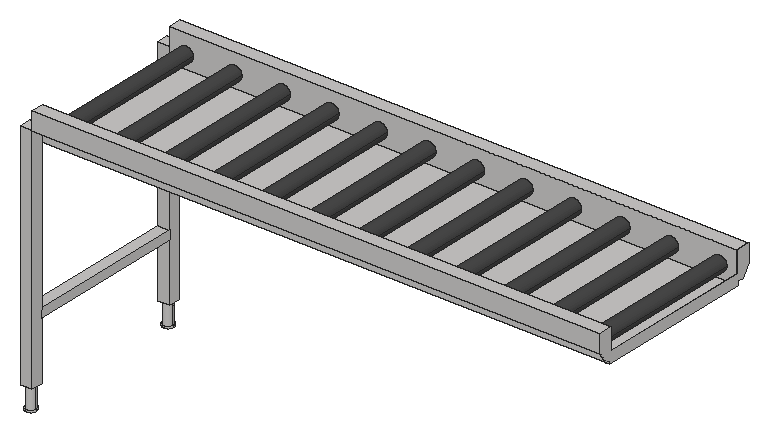
Revit family "QF_ELECTROLUXPROFESSIONAL_863032_HSLRC19", category Specialty Equipment, Revit 2018
Family settings
  Round Connector Dimension = Use Diameter
  Part Type = Normal
  Work Plane-Based = No
  Always vertical = Yes
  Cut with Voids When Loaded = No
  Shared = No
  Room Calculation Point = No
Parameters
  Weight = 0.00 kg
  Watts = 0 W
  Volts = 0 V
  URL Manufacturer = "http://professional.electrolux.com/"
  URL = "http://professional.electrolux.com/"
  Steam Supply Size = 0 mm
  Steam Supply Minimum Pressure = 0.0 Pa
  Steam Supply Maximum Pressure = 0.0 Pa
  Steam Pounds per Hour = 0
  Refrigeration Suction Line Size = 0 mm
  Refrigeration Liquid Line Size = 0 mm
  Refrigerant Compressor Remote = yes
  Manufacturer = "Electrolux"
  Phase = 0
  Model = "HSLRC19"
  Length Actual = 1900 mm  # constant formula
  Item Number = "863032"
  Hot Water Size = 0 mm
  Height Actual = 910 mm  # constant formula
  HP = "0 HP"
  Gas Size = 0 mm
  Gas KW = 0
  Gas Input Pressure = 0 W
  Description = "CONVEYOR, LONG ROLLERS, L=1900 MM"
  Depth Actual = 620 mm  # constant formula
  Cycle = 0 Hz
  Condensate Return Size = 0 mm
  Compressed Air Volume = 0.0 L/s
  Compressed Air Size = 0 mm
  Compressed Air Pressure = 0.0 Pa
  Cold Water Size = 0 mm
  Accessory = yes
Reference planes
  plane 1 "Centro (Fronte/Retro)": y = 74.737
  plane 2: z = 0
  plane 3 "LEFT": x = -1038.761
  plane 4 "BACK": y = 384.737
  plane 5 "FRONT": y = -235.263
  plane 6: z = 910
  plane 7 "RIGHT": x = 861.239
  plane 8: x = -58.761
Forms (mm)
  Extrusion 1, solid, material "QF_Finishes_Stainless Steel"
    sketch origin (0, 74.737, 0) x (1, 0, 0) y (0, 0, 1)
      loop
        line (-1079.929, 300) -> (-1079.929, 270) -> (-1039.929, 270) -> (-1039.929, 300) -> (-1079.929, 300)
    from -266.504 to 266.46
  Extrusion 2, solid, material "QF_Finishes_Stainless Steel"
    sketch origin (11.239, 0, 0) x (0, 1, 0) y (0, 0, 1)
      loop
        line (-235.263, 910) -> (-235.263, 850.033) -> (-190.242, 850.033) -> (-190.242, 910) -> (-235.263, 910)
      loop
        line (384.737, 910) -> (339.716, 910) -> (339.716, 850.033) -> (384.737, 850.033) -> (384.737, 910)
    from -1050 to 848.8
  Extrusion 3, solid, material "QF_Finishes_Stainless Steel"
    sketch origin (11.239, 0, 0) x (0, 1, 0) y (0, 0, 1)
      loop
        line (-191.727, 850.033) -> (-191.727, 800.081) -> (341.245, 800.081) -> (341.245, 850.033) -> (339.716, 850.033) -> (339.716, 803.081) -> (-190.242, 803.081) -> (-190.242, 850.033) -> (-191.727, 850.033)
    from -1050 to 848.8
  Extrusion 4, solid, material "QF_Finishes_Black"
    sketch origin (0, 74.737, 0) x (1, 0, 0) y (0, 0, -1)
      loop
        circle (-980.637, -850.115) r 25
      loop
        circle (-818.478, -850.115) r 25
      loop
        circle (-656.319, -850.115) r 25
      loop
        circle (803.115, -850.115) r 25
      loop
        circle (154.478, -850.115) r 25
      loop
        circle (316.637, -850.115) r 25
      loop
        circle (478.797, -850.115) r 25
      loop
        circle (640.956, -850.115) r 25
      loop
        circle (-494.159, -850.115) r 25
      loop
        circle (-7.681, -850.115) r 25
      loop
        circle (-169.841, -850.115) r 25
      loop
        circle (-332, -850.115) r 25
    from -260.534 to 260.534
  Extrusion 5, solid, material "QF_Finishes_Stainless Steel"
    sketch origin (2361.239, 723.253, 4000) x (0, 1, 0) y (0, 0, 1)
      loop
        line (-958.516, -3090) -> (-958.516, -3149.967) -> (-934.752, -3185.632) -> (-915.4, -3185.632) -> (-915.4, -3199.919) -> (-381.633, -3199.919) -> (-381.633, -3185.632) -> (-362.281, -3185.632) -> (-338.516, -3149.967) -> (-338.516, -3090) -> (-383.538, -3090) -> (-383.538, -3161.926) -> (-913.495, -3161.926) -> (-913.495, -3090) -> (-958.516, -3090)
    from -1500 to -1501.2
  Revolve 6, solid, material "QF_Finishes_Stainless Steel"
    sketch origin (-90.282, 0, 0) x (0, 1, 0) y (0, 0, 1)
      loop
        line (74.737, 800.081) -> (12.53, 800.081) -> (12.319, 797.4) -> (12.319, 785.476) -> (17.293, 785.476) -> (17.293, 781.772)
        arc (17.293, 781.772) -> (20.266, 773.808) -> (27.77, 769.813) r 11.998
        line (27.77, 769.813) -> (74.737, 764.085) -> (74.737, 800.081)
      axis (74.737, 764.085) -> (74.737, 800.081)
    angle from 0 to 360
  Revolve 7, solid, material "QF_Finishes_Stainless Steel"
    sketch origin (-60.282, -1524, 744.096) x (0, 0, 1) y (0, -1, 0)
      loop
        line (13.017, -1619.713) -> (30, -1619.713) -> (30, -1598.737) -> (0, -1598.737) -> (0, -1619.713) -> (2.434, -1622.253) -> (10.477, -1622.253) -> (13.017, -1619.713)
      axis (0, -1598.737) -> (30, -1598.737)
    angle from 0 to 360
Cuts and joins
  joined: Extrusion 2, Extrusion 3
Lines and regions (mm)
  Split face 1
    outline origin (956.989, 339.716, 803.081) x (-1, 0, 0) y (0, -1, 0)
      loop
        circle (1047, 264.904) r 3.016
  Split face 2
    outline origin (956.989, 339.716, 803.081) x (-1, 0, 0) y (0, -1, 0)
      loop
        circle (1047, 264.904) r 52.991
  Split face 3
    outline origin (956.989, 339.716, 803.081) x (-1, 0, 0) y (0, -1, 0)
      loop
        circle (1047, 264.904) r 36.015
  Split face 4
    outline origin (956.989, 339.716, 803.081) x (-1, 0, 0) y (0, -1, 0)
      loop
        circle (1047, 264.904) r 26.027
  Split face 5
    outline origin (956.989, 339.716, 803.081) x (-1, 0, 0) y (0, -1, 0)
      loop
        circle (1047, 264.904) r 9.056
  Masking region 1
    outline origin (0, 0, 0) x (1, 0, 0) y (0, 1, 0)
      loop
        line (-1038.761, 384.737) -> (-1038.761, -235.263) -> (861.239, -235.263) -> (861.239, 384.737) -> (-1038.761, 384.737)
  symbolic lines
    curve 1: line (861.239, 384.737, 0) -> (-1038.761, 384.737, 0)
    curve 2: line (-1038.761, 384.737, 0) -> (-1038.761, -235.263, 0)
    curve 3: line (-1038.761, 339.716, 0) -> (861.239, 339.716, 0)
    curve 4: line (-1038.761, -235.263, 0) -> (861.239, -235.263, 0)
    curve 5: line (861.239, -235.263, 0) -> (861.239, 384.737, 0)
    curve 6: line (861.239, -190.242, 0) -> (-1038.761, -190.242, 0)
    curve 7: line (-955.637, 335.271, 0) -> (-1005.637, 335.271, 0)
    curve 8: line (-1005.637, 335.271, 0) -> (-1005.637, -185.797, 0)
    curve 9: line (-1005.637, -185.797, 0) -> (-955.637, -185.797, 0)
    curve 10: line (-955.637, -185.797, 0) -> (-955.637, 335.271, 0)
    curve 11: line (-793.478, 335.271, 0) -> (-843.478, 335.271, 0)
    curve 12: line (-843.478, 335.271, 0) -> (-843.478, -185.797, 0)
    curve 13: line (-843.478, -185.797, 0) -> (-793.478, -185.797, 0)
    curve 14: line (-793.478, -185.797, 0) -> (-793.478, 335.271, 0)
    curve 15: line (-631.319, 335.271, 0) -> (-681.319, 335.271, 0)
    curve 16: line (-681.319, 335.271, 0) -> (-681.319, -185.797, 0)
    curve 17: line (-681.319, -185.797, 0) -> (-631.319, -185.797, 0)
    curve 18: line (-631.319, -185.797, 0) -> (-631.319, 335.271, 0)
    curve 19: line (828.115, 335.271, 0) -> (778.115, 335.271, 0)
    curve 20: line (778.115, 335.271, 0) -> (778.115, -185.797, 0)
    curve 21: line (778.115, -185.797, 0) -> (828.115, -185.797, 0)
    curve 22: line (828.115, -185.797, 0) -> (828.115, 335.271, 0)
    curve 23: line (861.239, 74.737, 0) -> (831.239, 74.737, 0)
    curve 24: line (-1038.761, 74.737, 0) -> (-1008.761, 74.737, 0)
    curve 25: arc (-89.404, 137.156, 0) -> (-26.986, 74.737, 0) -> (-89.404, 12.319, 0) r 62.418
    curve 26: arc (-89.404, 12.319, 0) -> (-151.823, 74.737, 0) -> (-89.404, 137.156, 0) r 62.418
    curve 27: arc (-59.404, 95.713, 0) -> (-80.38, 74.737, 0) -> (-59.404, 53.761, 0) r 20.976
    curve 28: arc (-59.404, 53.761, 0) -> (-38.428, 74.737, 0) -> (-59.404, 95.713, 0) r 20.976
    curve 29: line (-469.159, 335.271, 0) -> (-519.159, 335.271, 0)
    curve 30: line (-519.159, 335.271, 0) -> (-519.159, -185.797, 0)
    curve 31: line (-519.159, -185.797, 0) -> (-469.159, -185.797, 0)
    curve 32: line (-469.159, -185.797, 0) -> (-469.159, 335.271, 0)
    curve 33: line (-307, 335.271, 0) -> (-357, 335.271, 0)
    curve 34: line (-357, 335.271, 0) -> (-357, -185.797, 0)
    curve 35: line (-357, -185.797, 0) -> (-307, -185.797, 0)
    curve 36: line (-307, -185.797, 0) -> (-307, 335.271, 0)
    curve 37: line (-144.841, 335.271, 0) -> (-194.841, 335.271, 0)
    curve 38: line (-194.841, 335.271, 0) -> (-194.841, -185.797, 0)
    curve 39: line (-194.841, -185.797, 0) -> (-144.841, -185.797, 0)
    curve 40: line (-144.841, -185.797, 0) -> (-144.841, 335.271, 0)
    curve 41: line (17.319, 335.271, 0) -> (-32.681, 335.271, 0)
    curve 42: line (-32.681, 335.271, 0) -> (-32.681, -185.797, 0)
    curve 43: line (-32.681, -185.797, 0) -> (17.319, -185.797, 0)
    curve 44: line (17.319, -185.797, 0) -> (17.319, 335.271, 0)
    curve 45: line (179.478, 335.271, 0) -> (129.478, 335.271, 0)
    curve 46: line (129.478, 335.271, 0) -> (129.478, -185.797, 0)
    curve 47: line (129.478, -185.797, 0) -> (179.478, -185.797, 0)
    curve 48: line (179.478, -185.797, 0) -> (179.478, 335.271, 0)
    curve 49: line (341.637, 335.271, 0) -> (291.637, 335.271, 0)
    curve 50: line (291.637, 335.271, 0) -> (291.637, -185.797, 0)
    curve 51: line (291.637, -185.797, 0) -> (341.637, -185.797, 0)
    curve 52: line (341.637, -185.797, 0) -> (341.637, 335.271, 0)
    curve 53: line (503.797, 335.271, 0) -> (453.797, 335.271, 0)
    curve 54: line (453.797, 335.271, 0) -> (453.797, -185.797, 0)
    curve 55: line (453.797, -185.797, 0) -> (503.797, -185.797, 0)
    curve 56: line (503.797, -185.797, 0) -> (503.797, 335.271, 0)
    curve 57: line (665.956, 335.271, 0) -> (615.956, 335.271, 0)
    curve 58: line (615.956, 335.271, 0) -> (615.956, -185.797, 0)
    curve 59: line (615.956, -185.797, 0) -> (665.956, -185.797, 0)
    curve 60: line (665.956, -185.797, 0) -> (665.956, 335.271, 0)
Dimensions and locks
  plane 3 "LEFT" to plane 7 "RIGHT" = 1900 mm
  equal spacing: plane 4 "BACK", plane 1 "Centro (Fronte/Retro)", plane 5 "FRONT"
  plane 4 "BACK" to plane 5 "FRONT" = 620 mm
  locked: Extrusion 4 sketch curve to plane 3 "LEFT" at 58.124
  locked: plane 7 "RIGHT" to Extrusion 4 sketch curve at 58.124
  equal spacing: Extrusion 4 sketch curve, Extrusion 4 sketch curve, Extrusion 4 sketch curve, Extrusion 4 sketch curve, Extrusion 4 sketch curve, Extrusion 4 sketch curve, Extrusion 4 sketch curve, Extrusion 4 sketch curve, Extrusion 4 sketch curve, Extrusion 4 sketch curve, Extrusion 4 sketch curve, Extrusion 4 sketch curve
  aligned and locked: level to plane 2
Automatic sketch dimensions
  Extrusion 1 sketch curve to plane 3 "LEFT" = 41.168 mm
  Extrusion 1 sketch curve to plane 3 "LEFT" = 1.168 mm
  level to Extrusion 1 sketch curve = 270 mm
  Extrusion 1 sketch curve to Extrusion 1 sketch curve = 30 mm
  Extrusion 2 sketch curve to plane 5 "FRONT" = 0 mm
  Extrusion 2 sketch curve to plane 6 = 0 mm  (x2)
  Extrusion 2 sketch curve to plane 4 "BACK" = 0 mm
  plane 5 "FRONT" to Extrusion 2 sketch curve = 45.021 mm
  Extrusion 2 sketch curve to plane 4 "BACK" = 45.021 mm
  Extrusion 2 sketch curve to Extrusion 2 sketch curve = 59.967 mm  (x2)
  plane 5 "FRONT" to Extrusion 3 sketch curve = 43.536 mm
  Extrusion 3 sketch curve to Extrusion 3 sketch curve = 1.486 mm
  Extrusion 3 sketch curve to plane 4 "BACK" = 45.021 mm
  Extrusion 3 sketch curve to Extrusion 3 sketch curve = 1.529 mm
  Extrusion 3 sketch curve to plane 6 = 109.919 mm
  Extrusion 3 sketch curve to Extrusion 3 sketch curve = 3 mm
  Extrusion 3 sketch curve to Extrusion 3 sketch curve = 46.952 mm  (x2)
  Split face 1 sketch curve to cut or joined group of Extrusion 2, Extrusion 3 = 950.05 mm
  cut or joined group of Extrusion 2, Extrusion 3 to Split face 1 sketch curve = 264.904 mm
  Split face 2 sketch curve to cut or joined group of Extrusion 2, Extrusion 3 = 950.05 mm
  cut or joined group of Extrusion 2, Extrusion 3 to Split face 2 sketch curve = 264.904 mm
  Split face 3 sketch curve to cut or joined group of Extrusion 2, Extrusion 3 = 950.05 mm
  cut or joined group of Extrusion 2, Extrusion 3 to Split face 3 sketch curve = 264.904 mm
  Split face 4 sketch curve to cut or joined group of Extrusion 2, Extrusion 3 = 950.05 mm
  cut or joined group of Extrusion 2, Extrusion 3 to Split face 4 sketch curve = 264.904 mm
  Split face 5 sketch curve to cut or joined group of Extrusion 2, Extrusion 3 = 950.05 mm
  cut or joined group of Extrusion 2, Extrusion 3 to Split face 5 sketch curve = 264.904 mm
  Masking region 1 sketch curve to plane 3 "LEFT" = 0 mm
  Masking region 1 sketch curve to plane 5 "FRONT" = 0 mm
  Masking region 1 sketch curve to plane 7 "RIGHT" = 0 mm
  Masking region 1 sketch curve to plane 4 "BACK" = 0 mm
  Extrusion 5 sketch curve to plane 5 "FRONT" = 0 mm
  Extrusion 5 sketch curve to plane 6 = 0 mm  (x2)
  Extrusion 5 sketch curve to plane 4 "BACK" = 0 mm
  plane 5 "FRONT" to Extrusion 5 sketch curve = 23.764 mm
  Extrusion 5 sketch curve to Extrusion 5 sketch curve = 19.352 mm  (x2)
  plane 5 "FRONT" to Extrusion 5 sketch curve = 45.021 mm
  Extrusion 5 sketch curve to plane 4 "BACK" = 45.021 mm
  Extrusion 5 sketch curve to Extrusion 5 sketch curve = 1.905 mm
  Extrusion 5 sketch curve to Extrusion 5 sketch curve = 59.967 mm  (x2)
  Extrusion 5 sketch curve to Extrusion 5 sketch curve = 11.959 mm
  Extrusion 5 sketch curve to Extrusion 5 sketch curve = 23.706 mm  (x2)
  Extrusion 5 sketch curve to Extrusion 5 sketch curve = 14.287 mm
  Revolve 6 sketch curve to plane 1 "Centro (Fronte/Retro)" = 0 mm  (x2)
  plane 1 "Centro (Fronte/Retro)" to Revolve 6 sketch curve = 45.447 mm
  Revolve 6 sketch curve to Revolve 6 sketch curve = 1.52 mm
  Revolve 6 sketch curve to Revolve 6 sketch curve = 11.998 mm
  Revolve 6 sketch curve to Revolve 6 sketch curve = 4.762 mm
  Revolve 6 sketch curve to Revolve 6 sketch curve = 4.974 mm
  Revolve 6 sketch curve to plane 6 = 145.915 mm
  Revolve 6 sketch curve to Revolve 6 sketch curve = 5.727 mm
  Revolve 6 sketch curve to Revolve 6 sketch curve = 11.901 mm
  Revolve 6 sketch curve to Revolve 6 sketch curve = 3.704 mm
  Revolve 6 sketch curve to Revolve 6 sketch curve = 11.924 mm
  Revolve 6 sketch curve to Revolve 6 sketch curve = 2.681 mm
  Revolve 6 sketch curve to Revolve 6 sketch curve = 3 mm
  Revolve 6 sketch curve to Revolve 6 sketch curve = 14.991 mm
  Revolve 7 sketch curve to plane 1 "Centro (Fronte/Retro)" = 0 mm  (x2)
  Revolve 7 sketch curve to plane 1 "Centro (Fronte/Retro)" = 20.976 mm
  Revolve 7 sketch curve to plane 6 = 165.904 mm
  Revolve 7 sketch curve to plane 1 "Centro (Fronte/Retro)" = 23.516 mm
  Revolve 7 sketch curve to Revolve 7 sketch curve = 2.434 mm
  Revolve 7 sketch curve to Revolve 7 sketch curve = 8.043 mm
  Revolve 7 sketch curve to Revolve 7 sketch curve = 2.54 mm  (x2)
  Revolve 7 sketch curve to Revolve 7 sketch curve = 16.983 mm
  Revolve 7 sketch curve to Revolve 7 sketch curve = 3.127 mm
  Revolve 7 sketch curve to Revolve 7 sketch curve = 7.343 mm
  Extrusion 4 sketch curve to plane 6 = 59.885 mm  (x12)
  curve 25 to curve 26 = 0 mm  (x2)
  curve 27 to curve 28 = 0 mm  (x2)
  curve 4 to plane 3 "LEFT" = 0 mm
  plane 1 "Centro (Fronte/Retro)" to curve 24 = 0 mm
  plane 1 "Centro (Fronte/Retro)" to curve 25 = 0 mm
  plane 1 "Centro (Fronte/Retro)" to curve 28 = 0 mm
  plane 1 "Centro (Fronte/Retro)" to curve 23 = 0 mm
  curve 6 to plane 7 "RIGHT" = 0 mm
  curve 4 to plane 5 "FRONT" = 0 mm
  curve 2 to plane 4 "BACK" = 0 mm
  plane 3 "LEFT" to curve 9 = 33.124 mm
  curve 7 to curve 10 = 50 mm
  plane 5 "FRONT" to curve 12 = 49.466 mm
  curve 9 to curve 12 = 112.159 mm
  curve 11 to curve 14 = 50 mm
  plane 5 "FRONT" to curve 17 = 49.466 mm
  curve 13 to curve 17 = 112.159 mm
  curve 16 to curve 18 = 50 mm
  plane 5 "FRONT" to curve 31 = 49.466 mm
  curve 17 to curve 31 = 112.159 mm
  curve 29 to curve 32 = 50 mm
  curve 33 to plane 4 "BACK" = 49.466 mm
  curve 29 to curve 33 = 112.159 mm
  curve 34 to curve 35 = 50 mm
  curve 37 to plane 4 "BACK" = 49.466 mm
  curve 33 to curve 37 = 112.159 mm
  curve 38 to curve 40 = 50 mm
  curve 25 to plane 8 = 30.643 mm
  curve 28 to plane 8 = 0.643 mm
  plane 8 to curve 41 = 26.08 mm
  curve 42 to curve 43 = 50 mm
  curve 45 to plane 4 "BACK" = 49.466 mm
  curve 41 to curve 45 = 112.159 mm
  curve 45 to curve 48 = 50 mm
  curve 50 to plane 4 "BACK" = 49.466 mm
  curve 45 to curve 50 = 112.159 mm
  curve 50 to curve 51 = 50 mm
  curve 53 to plane 4 "BACK" = 49.466 mm
  curve 49 to curve 53 = 112.159 mm
  curve 54 to curve 56 = 50 mm
  curve 57 to plane 4 "BACK" = 49.466 mm
  curve 53 to curve 57 = 112.159 mm
  curve 58 to curve 59 = 50 mm
  curve 20 to plane 7 "RIGHT" = 83.124 mm
  curve 21 to plane 7 "RIGHT" = 33.124 mm
  plane 5 "FRONT" to curve 59 = 49.466 mm
  plane 5 "FRONT" to curve 55 = 49.466 mm
  plane 5 "FRONT" to curve 52 = 49.466 mm
  plane 5 "FRONT" to curve 8 = 49.466 mm
  plane 5 "FRONT" to curve 48 = 49.466 mm
  plane 5 "FRONT" to curve 44 = 49.466 mm
  plane 5 "FRONT" to curve 40 = 49.466 mm
  plane 5 "FRONT" to curve 20 = 49.466 mm
  plane 5 "FRONT" to curve 34 = 49.466 mm
  curve 29 to plane 4 "BACK" = 49.466 mm
  curve 22 to plane 4 "BACK" = 49.466 mm
  curve 41 to plane 4 "BACK" = 49.466 mm
  curve 18 to plane 4 "BACK" = 49.466 mm
  curve 14 to plane 4 "BACK" = 49.466 mm
  curve 10 to plane 4 "BACK" = 49.466 mm
  plane 3 "LEFT" to curve 24 = 30 mm
  curve 23 to plane 7 "RIGHT" = 30 mm
  curve 6 to curve 21 = 4.445 mm
  curve 25 to curve 25 = 62.418 mm
  curve 28 to curve 27 = 20.976 mm
  curve 19 to curve 3 = 4.445 mm
  radius of Split face 1 sketch curve = 3.016 mm
  radius of Split face 2 sketch curve = 52.991 mm
  radius of Split face 3 sketch curve = 36.015 mm
  radius of Split face 4 sketch curve = 26.027 mm
  radius of Split face 5 sketch curve = 9.056 mm
  radius of Extrusion 4 sketch curve = 25 mm  (x12)
Nested families
  nested 1: "Foot_40x40" at (-1059.929, 361.245, 0), type "Foot_40x40"
    with A 850.033 mm
  nested 2: "Foot_40x40" at (-1059.929, -211.771, 0), type "Foot_40x40"
    with A 850.033 mm
  nested 3: "Foot_40x40" at (-1059.929, 361.288, 0), type "Foot_40x40"
    with A 850.033 mm
Connectors
  piping at (-60.282, 74.737, 744.096), diameter 30
    settings: on Revolve 7, index 4, connector inside diameter 609.6 mm, connector length 0 mm, flow factor 0, pipe flow 0.0 L/s, pressure drop 0.0 Pa, fitting loss kfactor 0, connector angle 0.00°, fixture units 0, engagement length 0 mm, angle of deflection 0.00°, flow configuration 1, flow direction 2, fitting loss method 0, system type 16, joint type 0, gender type 0, connector reference index -1, connector utility 0, adjustable connector no, is connector primary yes, connector description "Drain"
Definition of nested family "Foot_40x40"
  Parameters
    A [instance] = 850 mm
  Reference planes
    plane 1 "Centro (Fronte/Retro)": y = 0
    plane 2: z = 0
    plane 3 "Centro (Sinistra/Destra)": x = 0
    plane 4: z = 850
  Forms (mm)
    Extrusion 1, solid
      sketch origin (0, 0, 0) x (1, 0, 0) y (0, 1, 0)
        loop
          circle (0, 0) r 18
      from 0 to 5
    Extrusion 2, solid
      sketch origin (0, 0, 5) x (1, 0, 0) y (0, 1, 0)
        loop
          circle (0, 0) r 15
      from 0 to 70
    Extrusion 3, solid
      sketch origin (0, 0, 75) x (1, 0, 0) y (0, 1, 0)
        loop
          line (-20, 20) -> (-20, -20) -> (20, -20) -> (20, 20) -> (-20, 20)
      from 0 to 775
  Dimensions and locks
    "A": plane 4 to plane 2
    aligned and locked: level to plane 2
    aligned and locked: plane 4 to Extrusion 3
    aligned and locked: Extrusion 1 to level
  Automatic sketch dimensions
    plane 1 "Centro (Fronte/Retro)" to Extrusion 1 sketch curve = 0 mm
    Extrusion 1 sketch curve to plane 3 "Centro (Sinistra/Destra)" = 0 mm
    Extrusion 3 sketch curve to Extrusion 3 sketch curve = 40 mm  (x2)
    radius of Extrusion 1 sketch curve = 18 mm
    radius of Extrusion 2 sketch curve to Extrusion 1 = 3 mm
